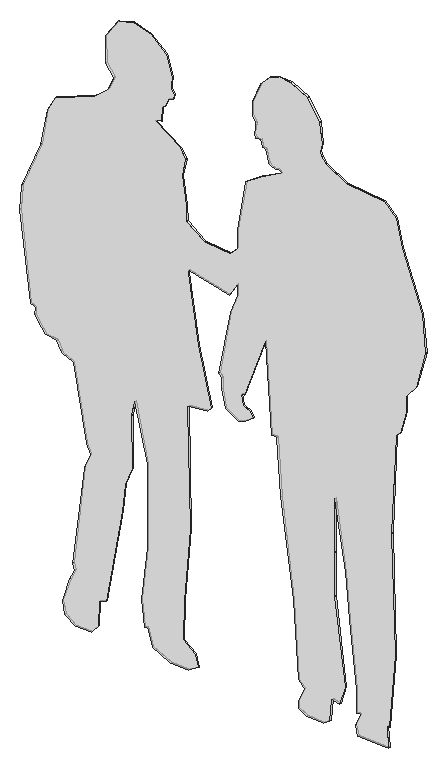
Revit family "Flat Men 02", category Entourage, Revit 2015
Parameters
  Flat Material [instance] = none
  Height = 0 mm
Reference planes
  plane 1 "Center (Front/Back)": y = 0
  plane 2: z = 0
  plane 3 "Center (Left/Right)": x = 0
Forms (mm)
  Extrusion 1, solid, material <- "Flat Material"
    sketch origin (0, 0, 0) x (1, 0, 0) y (0, 0, 1)
      loop
        line (127.515, 735.624) -> (143.979, 735.624) -> (155.848, 576.469) -> (194.849, 304.073) -> (209.144, 91.927) -> (225.369, 76.258) -> (228.661, 76.683) -> (208.913, 34.986) -> (208.913, 14.17) -> (235.522, 0) -> (286.323, 0) -> (306.39, 12.682) -> (312.418, 74.846) -> (336.781, 70.709) -> (354.481, 121.496) -> (321.388, 362.024) -> (321.388, 481.724) -> (321.388, 629.843) -> (354.481, 437.044) -> (365.397, 312.618) -> (387.95, 125.038) -> (387.95, 62.586) -> (399.75, 65.172) -> (385.472, 29.774) -> (392.041, 0) -> (476.449, 0) -> (487.58, 2.762) -> (483.009, 61.525) -> (488.677, 58.659) -> (506.283, 264.254) -> (496.507, 595.449) -> (511.102, 870.888) -> (523.717, 880.074) -> (541.656, 943.508) -> (541.656, 988.127) -> (571.19, 1023.01) -> (601.04, 1126.331) -> (590.116, 1229.841) -> (529.222, 1390.43) -> (510.648, 1466.251) -> (473.988, 1500.7) -> (358.04, 1508.76) -> (294.127, 1540.02) -> (293.115, 1543.732) -> (282.251, 1554.951) -> (277.662, 1568.05) -> (284.325, 1589.602) -> (275.432, 1647.911) -> (238.722, 1702.662) -> (186.96, 1727.091) -> (151.328, 1728.971) -> (121.7, 1717.571) -> (94.346, 1690.971) -> (69.683, 1633.6) -> (69.683, 1595.442) -> (79.835, 1579.302) -> (77.768, 1562.071) -> (74.732, 1547.781) -> (79.715, 1534.83) -> (91.876, 1534.83) -> (94.937, 1536.451) -> (99.731, 1517.981) -> (109.67, 1514.881) -> (115.321, 1494.831) -> (119.309, 1480.64) -> (126.58, 1473.73) -> (139.821, 1471.09) -> (149.125, 1474.201) -> (157.709, 1467.192) -> (96.454, 1435.991) -> (48.493, 1404.751) -> (22.002, 1261.452) -> (22.002, 1212.711) -> (1.936, 1192.381) -> (-78.732, 1196.51) -> (-132.405, 1232.33) -> (-133.666, 1275.751) -> (-145.278, 1352.951) -> (-135.664, 1400.572) -> (-152.403, 1426.95) -> (-229.248, 1474.152) -> (-211.471, 1478.071) -> (-207.646, 1517.792) -> (-198.599, 1525.85) -> (-189.595, 1548.41) -> (-172.676, 1552.37) -> (-171.518, 1564.451) -> (-180.154, 1581.461) -> (-179.348, 1590.101) -> (-177.221, 1612.261) -> (-196.001, 1668.171) -> (-243.56, 1708.641) -> (-295.999, 1720.692) -> (-343.233, 1709.44) -> (-382.525, 1654.341) -> (-381.23, 1579.762) -> (-356.362, 1548.571) -> (-374.558, 1509.211) -> (-411.913, 1480.911) -> (-536.069, 1431.65) -> (-559.582, 1389.151) -> (-580.42, 1285.412) -> (-638.098, 1153.481) -> (-644.753, 1084.412) -> (-613.058, 838.367) -> (-596.963, 831.949) -> (-598.763, 812.954) -> (-586.731, 793.877) -> (-565.121, 768.082) -> (-531.377, 764.833) -> (-519.115, 742.258) -> (-514.835, 734.23) -> (-481.305, 722.794) -> (-441.404, 513.992) -> (-429.167, 487.16) -> (-446.385, 445.475) -> (-481.64, 170.059) -> (-475.748, 152.821) -> (-490.841, 124.044) -> (-515.272, 57.247) -> (-506.148, 20.185) -> (-473.699, 0) -> (-426.097, 0) -> (-403.989, 24.471) -> (-401.237, 93.807) -> (-380.202, 101.477) -> (-330.37, 365.553) -> (-320.414, 442.978) -> (-299.626, 494.455) -> (-301.186, 640.167) -> (-292.054, 682.304) -> (-254.006, 521.98) -> (-253.637, 293.718) -> (-272.125, 144.802) -> (-263.516, 70.707) -> (-254.34, 73.204) -> (-238.321, 23.323) -> (-180.934, 0) -> (-126.815, 0) -> (-97.453, 17.668) -> (-105.684, 51.607) -> (-143.597, 78.436) -> (-139.266, 185.904) -> (-120.839, 389.771) -> (-129.327, 725.853) -> (-70.089, 731.07) -> (-56.136, 744.183) -> (-97.976, 903.585) -> (-128.384, 1090.21) -> (-128.598, 1097.971) -> (-0.979, 1074.732) -> (22.002, 1112.902) -> (22.002, 1082.771) -> (0.701, 1027.79) -> (-34.183, 849.005) -> (-24.981, 841.106) -> (-24.981, 809.879) -> (-13.748, 759.06) -> (26.505, 738.676) -> (46.426, 744.648) -> (72.246, 762.175) -> (61.544, 777.967) -> (40.819, 786.774) -> (33.948, 815.454) -> (44.446, 816.338) -> (109.446, 988.256) -> (127.515, 735.624)
    from -2.5 to 2.5
Lines and regions (mm)
  model lines
    curve 1: line (-150, 0, 0) -> (150, 0, 0)
    curve 2: line (0, -150, 0) -> (0, 150, 0)
Dimensions and locks
  aligned and locked: level to plane 2
